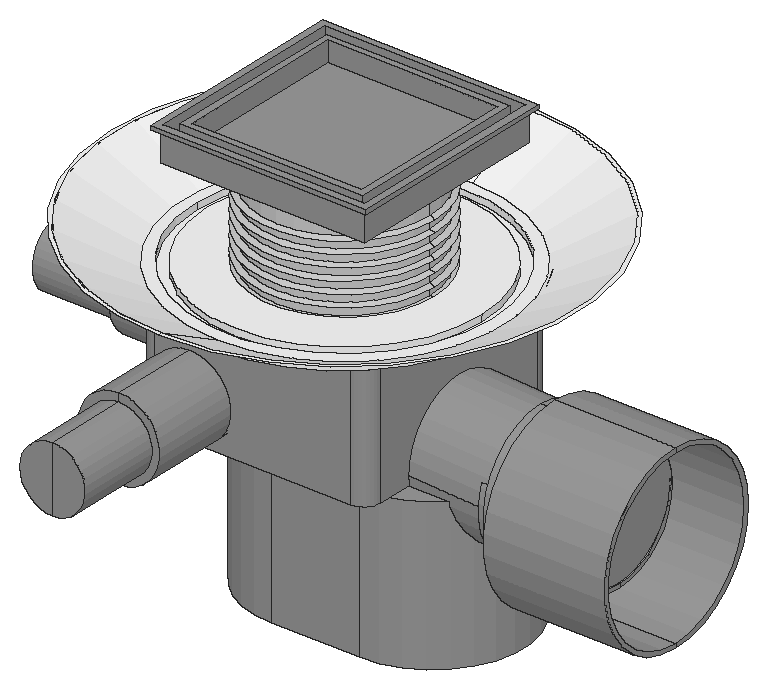
Revit family "HL_Трап для внутренних помещений_HL70-3020", category Instalační zařizovací předměty, Revit 2016
Family settings
  Typ součásti = Normální
  Kóta kulaté spojky = Použít průměr
  Číslo OmniClass = 23.70.50.21.24.14
  Nadpis OmniClass = Deck Waste Water Drains
  Založené na pracovní rovině = Ne
  Vždy vertikální = Ano
  Ořezat dutým tvarem při načtení = Ne
  Sdílené = Ano
  Bod výpočtu místnosti = Ano
Parameters
  РЕШЁТКА = "112 x 112 mm / ABS-V4A"
  РАЗМЕР = "DN75/110"
  ПРОПУСКНАЯ СПОСОБНОСТЬ [instance] = 0.0 L/s
  ПРОИЗВОДИТЕЛЬНОСТЬ = "1,0 l/s"
  ПРИЁМНОЕ ОТВЕРСТИЕ = "3 x DN40/50"
  ПРАВОВАЯ ИНФОРМАЦИЯ = "\"Авторские права(©), права на дизайн или какие либо другие права интелектуальной собственности являются исключительной собственностью компании HL Hutterer & Lechner. Изменению не подлежит. Файл семейства с данными о прозводителе изделия защищен паролем с водяным знаком.\""
  ПАДЕНИЕ ДАВЛЕНИЯ [instance] = 0.0 Pa
  НОМИНАЛЬНЫЙ ДИАМЕТР 4 [instance] = 40 mm
  НОМИНАЛЬНЫЙ ДИАМЕТР 3 [instance] = 40 mm
  НОМИНАЛЬНЫЙ ДИАМЕТР 2 [instance] = 40 mm
  НОМИНАЛЬНЫЙ ДИАМЕТР [instance] = 110 mm
  НАСАДКА = "10 - 80 mm / 132 x 132 mm / PP-V4A"
  МАТЕРИАЛ = "PE"
  МАКСИМАЛЬНАЯ НАГРУЗКА КЛАССА = "K3 - 300 kg"
  ВЫСОТА МОНТАЖА = "205 mm"
  ВЕС = "1,28 kg"
  Připojení ventilace = no
  Výrobce = "HL Hutterer & Lechner GmbH"
  URL = "http://www.hutterer-lechner.com/ru/products/catalog/roof-drains/HL70-3020.aspx"
  Připojení odpadu = yes
  Připojení HW = no
  Popis = "Трап для внутренних помещений"
  N [instance] = НОМИНАЛЬНЫЙ ДИАМЕТР = 110 mm  # yes
  Model = "HL70-3020"
  L24 [instance] = 39 mm
  Komentáře k typům = "Трап для внутренних помещений с гидрозатвором и обратным клапаном, горизонтальный DN75/110, с 3-мя дополнительными входами DN40/50, с надставным элементом для вклеивания керамической плитки 132х132/112х112 мм"
  Keynote = "HL70-3020"
  Высота монтажа [instance] = 80 mm
  Připojení CW = no
  FO [instance] = FI1 + FI2 + FI3 + ПРОПУСКНАЯ СПОСОБНОСТЬ  # 0.0 L/s
  FI3 [instance] = 0.0 L/s
  FI2 [instance] = 0.0 L/s
  FI1 [instance] = 0.0 L/s
  EAN = "9003076034291"
  E [instance] = if(Высота монтажа < 80.1 mm, Высота монтажа + 18 mm, 120 mm)  # 98 mm
  D4 [instance] = if(НОМИНАЛЬНЫЙ ДИАМЕТР 4 = 40 mm, 174.8 mm, if(НОМИНАЛЬНЫЙ ДИАМЕТР 4 = 50 mm, 123.8 mm, 0 mm))  # 174.8 mm
  D3 [instance] = if(НОМИНАЛЬНЫЙ ДИАМЕТР 3 = 40 mm, 175 mm, if(НОМИНАЛЬНЫЙ ДИАМЕТР 3 = 50 mm, 124 mm, 0 mm))  # 175 mm
  D2 [instance] = if(НОМИНАЛЬНЫЙ ДИАМЕТР 2 = 40 mm, 174.8 mm, if(НОМИНАЛЬНЫЙ ДИАМЕТР 2 = 50 mm, 123.8 mm, 0 mm))  # 174.8 mm
  D1 [instance] = if(НОМИНАЛЬНЫЙ ДИАМЕТР = 75 mm, 168.8 mm, 202.6 mm)  # 202.6 mm
  D [instance] = Высота монтажа + 56.6 mm  # 136.6 mm
  C [instance] = Высота монтажа + 56.6 mm  # 136.6 mm
  B [instance] = if(НОМИНАЛЬНЫЙ ДИАМЕТР = 75 mm, 81 mm, 87 mm) + Высота монтажа  # 167 mm
  A [instance] = if(B - 100 mm > 15 mm, B - 100 mm, 15 mm)  # 67 mm
Reference planes
  plane 1 "Center (Front/Back)": y = 0
  plane 2: z = 0
  plane 3 "Center (Left/Right)": x = 0
  plane 4 "Ball Joint Vertical": x = 25.45
  plane 5: z = -80
  plane 6: z = -167
  plane 7: x = -39
Lines and regions (mm)
  model lines, style "InvisibleLines"
    curve 1: line (0, 0, 0) -> (0, 0, 560)
  reference lines
    curve 2: line (172.6, 0, -167) -> (202.6, 0, -167)
    curve 6: line (-39, 0, -136.6) -> (-175, 0, -136.6)
    curve 24: line (-39, 0, -136.6) -> (-39, 174.8, -136.6)
    curve 25: line (-39, 0, -136.6) -> (-39, -174.8, -136.6)
  model lines, detail levels coarse+medium
    curve 3: line (0, 0, -167) -> (0, 0, -100)
    curve 4: line (0, 0, -100) -> (100, 0, 0)
    curve 5: line (0, 0, -100) -> (-100, 0, 0)
    curve 7: line (0, 0, -167) -> (202.6, 0, -167)
  symbolic lines, style "PlumbingFixtures", detail levels coarse+medium
    curve 8: line (-75, 75, 0) -> (75, 75, 0)
    curve 9: line (-75, -75, 0) -> (-75, 75, 0)
    curve 10: line (75, -75, 0) -> (-75, -75, 0)
    curve 11: line (75, 75, 0) -> (75, -75, 0)
    curve 12: line (-75, 75, 0) -> (-145.711, 145.711, 0)
    curve 13: line (75, 75, 0) -> (145.711, 145.711, 0)
    curve 14: line (-75, -75, 0) -> (-145.711, -145.711, 0)
    curve 15: line (75, -75, 0) -> (145.711, -145.711, 0)
  symbolic lines, style "PlumbingFixtures", not visible, detail levels coarse+medium
    curve 16: line (-75, 75, 0) -> (75, 75, 0)
    curve 17: line (-75, -75, 0) -> (-75, 75, 0)
    curve 18: line (75, -75, 0) -> (-75, -75, 0)
    curve 19: line (75, 75, 0) -> (75, -75, 0)
    curve 20: line (-75, 75, 0) -> (-145.711, 145.711, 0)
    curve 21: line (75, 75, 0) -> (145.711, 145.711, 0)
    curve 22: line (-75, -75, 0) -> (-145.711, -145.711, 0)
    curve 23: line (75, -75, 0) -> (145.711, -145.711, 0)
Text (mm)
  text "FLOOR" at (-198.233, 0, -26.556), in view "вид строительства"
Dimensions and locks
  locked: plane 4 "Ball Joint Vertical" to plane 3 "Center (Left/Right)" at 25.45
  "Высота монтажа": plane 2 to plane 5
  "A": curve 5 to plane 6
  "B": curve 5 to plane 6
  "B": curve 4 to plane 6
  "B": plane 2 to plane 6
  "C": plane 2 to curve 6
  "B": plane 2 to curve 7
  "D3": plane 3 "Center (Left/Right)" to curve 6
  "L24": plane 7 to plane 3 "Center (Left/Right)"
  "D1": curve 2 to plane 3 "Center (Left/Right)"
  "D1": curve 7 to plane 3 "Center (Left/Right)"
  "D4": curve 24 to plane 1 "Center (Front/Back)"
  "D2": plane 1 "Center (Front/Back)" to curve 25
  "D": curve 25 to plane 2
  locked: plane 5 to nested 2 at 80.049
  locked: curve 4 to plane 3 "Center (Left/Right)" (angle 45.00°)
  locked: plane 3 "Center (Left/Right)" to curve 5 (angle 45.00°)
  aligned and locked: level to plane 2
  aligned and locked: plane 2 to curve 1
  aligned and locked: plane 3 "Center (Left/Right)" to curve 1
  aligned and locked: plane 3 "Center (Left/Right)" to curve 5
  aligned and locked: plane 6 to curve 2
  aligned and locked: plane 5 to nested 1
  aligned and locked: nested 1 to plane 3 "Center (Left/Right)"
  aligned and locked: plane 3 "Center (Left/Right)" to nested 3
  aligned and locked: plane 2 to nested 3
Automatic sketch dimensions
  level to curve 1 = 560 mm
  curve 6 to plane 7 = 0 mm
  curve 2 to curve 2 = 30 mm
  curve 25 to plane 1 "Center (Front/Back)" = 0 mm
Nested families
  nested 1: "HL-Трап для внутренних помещений-HL70K-3020" at (0, 0, -58) x (-1, 0, 0) z (0, 0, 1), НОМИНАЛЬНЫЙ ДИАМЕТР 2 <- "НОМИНАЛЬНЫЙ ДИАМЕТР 2", НОМИНАЛЬНЫЙ ДИАМЕТР 3 <- "НОМИНАЛЬНЫЙ ДИАМЕТР 3", НОМИНАЛЬНЫЙ ДИАМЕТР 4 <- "НОМИНАЛЬНЫЙ ДИАМЕТР 4", type "HL-Трап для внутренних помещений-HL70K-3020"
    with НОМИНАЛЬНЫЙ ДИАМЕТР 4 40 mm, НОМИНАЛЬНЫЙ ДИАМЕТР 3 40 mm, НОМИНАЛЬНЫЙ ДИАМЕТР 2 40 mm, НОМИНАЛЬНЫЙ ДИАМЕТР 0 mm, ND4 -90 mm, ND3 -90 mm, ND2 -90 mm
  nested 2: "HL-Уменьшение-HL0317.4E" at (128.665, 0, -221.049) x (1, 0, 0) z (0, 0, -1), visible <- "N", type "HL0317.4E"
  nested 3: "HL-Насадка-HL3020" at (0, 0, 0), Высота монтажа <- "E", type "HL3020"
    with Высота монтажа 98 mm, RN 9, RL 58.5 mm, R yes, NL_Test yes, NL 98 mm
Connectors
  piping at (202.6, 0, -167), diameter 110, driven by "НОМИНАЛЬНЫЙ ДИАМЕТР", driven by "FO"
    settings: on curve 2, index 1, connector inside diameter 609.6 mm, connector length 0 mm, flow factor 0, pipe flow 0.0 L/s, pressure drop 0.0 Pa, fitting loss kfactor 0, connector angle 0.00°, fixture units 0, engagement length 0 mm, angle of deflection 0.00°, flow configuration 1, flow direction 2, fitting loss method 0, system type 16, joint type 0, gender type 0, connector reference index 2, connector utility 0, adjustable connector yes, is connector primary no, connector description ""
  piping at (-175, 0, -136.6), diameter 40, driven by "НОМИНАЛЬНЫЙ ДИАМЕТР 3", driven by "FI2"
    settings: on curve 6, index 2, connector inside diameter 609.6 mm, connector length 0 mm, flow factor 0, pipe flow 0.0 L/s, pressure drop 0.0 Pa, fitting loss kfactor 0, connector angle 0.00°, fixture units 0, engagement length 0 mm, angle of deflection 0.00°, flow configuration 0, flow direction 1, fitting loss method 0, system type 16, joint type 0, gender type 0, connector reference index 1, connector utility 0, adjustable connector yes, is connector primary yes, connector description ""
  piping at (-39, 174.8, -136.6), diameter 40, driven by "НОМИНАЛЬНЫЙ ДИАМЕТР 4", driven by "FI3"
    settings: on curve 24, index 4, connector inside diameter 609.6 mm, connector length 0 mm, flow factor 0, pipe flow 0.0 L/s, pressure drop 0.0 Pa, fitting loss kfactor 0, connector angle 0.00°, fixture units 0, engagement length 0 mm, angle of deflection 0.00°, flow configuration 0, flow direction 1, fitting loss method 0, system type 16, joint type 0, gender type 0, connector reference index -1, connector utility 0, adjustable connector yes, is connector primary no, connector description ""
  piping at (-39, -174.8, -136.6), diameter 40, driven by "НОМИНАЛЬНЫЙ ДИАМЕТР 2", driven by "FI1"
    settings: on curve 25, index 5, connector inside diameter 609.6 mm, connector length 0 mm, flow factor 0, pipe flow 0.0 L/s, pressure drop 0.0 Pa, fitting loss kfactor 0, connector angle 0.00°, fixture units 0, engagement length 0 mm, angle of deflection 0.00°, flow configuration 0, flow direction 1, fitting loss method 0, system type 16, joint type 0, gender type 0, connector reference index -1, connector utility 0, adjustable connector yes, is connector primary no, connector description ""
Definition of nested family "HL-Трап для внутренних помещений-HL70K-3020"
  Parameters (values of type "HL_Трап для внутренних помещений_HL70K-3020")
    РАЗМЕР = "DN75/110"
    ПРИЁМНОЕ ОТВЕРСТИЕ = "3 x DN40/50"
    НОМИНАЛЬНЫЙ ДИАМЕТР 4 [instance] = 40 mm
    НОМИНАЛЬНЫЙ ДИАМЕТР 3 [instance] = 40 mm
    НОМИНАЛЬНЫЙ ДИАМЕТР 2 [instance] = 40 mm
    НОМИНАЛЬНЫЙ ДИАМЕТР [instance] = 0 mm
    МАТЕРИАЛ = "PE"
    ВЫСОТА МОНТАЖА = "205 mm"
    ВЕС = "0,73 kg"
    Manufacturer = "HL Hutterer & Lechner GmbH"
    URL = "http://www.hutterer-lechner.com/ru/products/catalog/roof-drains/HL70K-3020.aspx"
    Description = "Трап для внутренних помещений"
    ND4 [instance] = if(НОМИНАЛЬНЫЙ ДИАМЕТР 4 = 40 mm, -90 mm, if(НОМИНАЛЬНЫЙ ДИАМЕТР 4 = 50 mm, 0 mm, -100 mm))  # -90 mm
    ND3 [instance] = if(НОМИНАЛЬНЫЙ ДИАМЕТР 3 = 40 mm, -90 mm, if(НОМИНАЛЬНЫЙ ДИАМЕТР 3 = 50 mm, 0 mm, -100 mm))  # -90 mm
    ND2 [instance] = if(НОМИНАЛЬНЫЙ ДИАМЕТР 2 = 40 mm, -90 mm, if(НОМИНАЛЬНЫЙ ДИАМЕТР 2 = 50 mm, 0 mm, -100 mm))  # -90 mm
    Model = "HL70K-3020"
    LEGAL NOTICE = "\"Авторские права(©), права на дизайн или какие либо другие права интелектуальной собственности являются исключительной собственностью компании HL Hutterer & Lechner. Изменению не подлежит. Файл семейства с данными о прозводителе изделия защищен паролем с водяным знаком.\""
    Type Comments = "Корпус трапа для внутренних помещений с гидрозатвором и обратным клапаном, с горизонтальным выпуском DN75/110, с 3-мя дополнительными входами DN40/50, для серии 3020."
    Keynote = "HL70K-3020"
    EAN = "9003076034284"
    Cost = 0
  Values of the unnamed type that differ from the named types
    РАЗМЕР = ""
    ПРИЁМНОЕ ОТВЕРСТИЕ = ""
    МАТЕРИАЛ = ""
    ВЫСОТА МОНТАЖА = ""
    ВЕС = ""
    Manufacturer = ""
    URL = ""
    Description = ""
    Model = ""
    LEGAL NOTICE = ""
    Type Comments = ""
    Keynote = ""
    EAN = ""
  Reference planes
    plane 1 "Střed (vpředu/vzadu)": y = 0
    plane 2: z = 0
    plane 3 "Střed (vlevo/vpravo)": x = 0
  Forms (mm)
    Extrusion 1, solid, detail levels fine
      sketch origin (0, 0, -22) x (1, 0, 0) y (0, 1, 0)
        loop
          circle (0, 0) r 100
        loop
          circle (0, 0) r 90.712
        loop
          circle (0, 0) r 83.924
        loop
          circle (0, 0) r 55.36
      from 0 to -4
    Extrusion 2, solid, detail levels fine
      sketch origin (0, 0, -26) x (0, 1, 0) y (1, 0, 0)
        loop
          circle (0, 0) r 93.56
      from 0 to 3
    Extrusion 3, solid, detail levels fine
      sketch origin (0, 0, -29) x (-1, 0, 0) y (0, 1, 0)
        loop
          arc (60, -70) -> (67.071, -67.071) -> (70, -60) r 10
          line (70, -60) -> (70, 60)
          arc (70, 60) -> (67.071, 67.071) -> (60, 70) r 10
          line (60, 70) -> (-60, 70)
          arc (-60, 70) -> (-67.071, 67.071) -> (-70, 60) r 10
          line (-70, 60) -> (-70, -60)
          arc (-70, -60) -> (-67.071, -67.071) -> (-60, -70) r 10
          line (-60, -70) -> (60, -70)
      from 0 to 74.618
    Extrusion 4, solid, detail levels fine
      sketch origin (0, 0, -103.618) x (0, -1, 0) y (-1, 0, 0)
        loop
          arc (-56, 0) -> (-0.32, -55.68) -> (55.36, 0) r 55.68
          line (55.36, 0) -> (55.36, 54)
          arc (55.36, 54) -> (-0.32, 109.68) -> (-56, 54) r 55.68
          line (-56, 54) -> (-56, 0)
      from 0 to 92
    Sweep 5, solid, detail levels fine
      path origin (0, 0, -20.331) x (1, 0, 0) y (0, 0, 1)
        loop
          line (-167.087, -116.62) -> (-37.204, -111.12)
      profile origin (-102.145, 0, -134.201) x (-0.042308, 0, 0.999105) y (0, -1, 0)
        loop
          circle (34.934, 0) r 39
    Revolve 6, solid, detail levels fine
      sketch origin (0, 0, 0) x (0, 1, 0) y (0, 0, 1)
        loop
          line (-100, -22) -> (-97.831, -22) -> (-140.172, 0) -> (-142.341, 0) -> (-100, -22)
        axis (0, 0) -> (0, -22)
      angle from 0 to 360
    Revolve 7, solid, detail levels fine
      sketch origin (0, 0, 0) x (1, 0, 0) y (0, 0, 1)
        loop
          line (175, -78.618) -> (175, -58.618) -> (124.072, -58.618) -> (124.072, -53.618) -> (65, -53.618) -> (65, -78.618) -> (175, -78.618)
        axis (175, -78.618) -> (65, -78.618)
      angle from 0 to 360
    Extrusion 8, void
      sketch origin (124.072, 0, -78.618) x (0, -1, 0) y (0, 0, 1)
        loop
          circle (0, 0) r 25
      from -100 to -90 <- "ND3"
    Revolve 9, solid, detail levels fine
      sketch origin (39, -0.32, 0) x (0, 1, 0) y (0, 0, 1)
        loop
          line (175, -78.618) -> (175, -58.618) -> (124.072, -58.618) -> (124.072, -53.618) -> (65, -53.618) -> (65, -78.618) -> (175, -78.618)
        axis (175, -78.618) -> (65, -78.618)
      angle from 0 to 360
    Extrusion 10, void
      sketch origin (39, 123.752, -78.618) x (1, 0, 0) y (0, 0, 1)
        loop
          circle (0, 0) r 25
      from -100 to -90 <- "ND2"
    Revolve 11, solid, detail levels fine
      sketch origin (39, 0.32, 0) x (0, -1, 0) y (0, 0, -1)
        loop
          line (175, 78.618) -> (65, 78.618) -> (65, 53.618) -> (124.072, 53.618) -> (124.072, 58.618) -> (175, 58.618) -> (175, 78.618)
        axis (175, 78.618) -> (65, 78.618)
      angle from 0 to 360
    Extrusion 12, void
      sketch origin (39, -123.752, -78.618) x (0, 0, -1) y (-1, 0, 0)
        loop
          circle (0, 0) r 25
      from -100 to -90 <- "ND4"
  Cuts and joins
    Extrusion 8 cuts Extrusion 3
    Extrusion 8 cuts Revolve 7
    Extrusion 10 cuts Revolve 9
    Extrusion 12 cuts Revolve 11
  Dimensions and locks
    aligned and locked: level to plane 2
Definition of nested family "HL-Уменьшение-HL0317.4E"
  Parameters (values of type "HL0317.4E")
    РАЗМЕР = "DN110xDN75"
    ПРАВОВАЯ ИНФОРМАЦИЯ = "Авторские права(©), права на дизайн или какие либо другие права интелектуальной собственности являются исключительной собственностью компании HL Hutterer & Lechner. Изменению не подлежит. Файл семейства с данными о прозводителе изделия защищен паролем с водяным знаком."  # constant formula
    МАТЕРИАЛ = "PP"
    ВЕС = "0,10 [kg]"
    Waste Connection = yes
    Vent Connection = no
    Manufacturer = "HL Hutterer & Lechner GmbH"  # constant formula
    URL = "http://www.hutterer-lechner.com/ru/Products/catalog/floor-drains/attachments/HL0317.4E.aspx"
    HW Connection = no
    Description = "Трапы для внутренних помещений - Комплектующие"
    Model = "HL0317.4E"
    Type Comments = "HL0317.4E Уменьшение DN110xDN75"
    Keynote = "HL0317.4E"
    EAN = "9003076317042"
    CW Connection = no
  Reference planes
    plane 1 "Center (Front/Back)": y = 0
    plane 2: z = 0
    plane 3 "Center (Left/Right)": x = 0
    plane 4 "Ball Joint Vertical": x = 25.45
  Forms (mm)
    Revolve 1, solid, detail levels fine
      sketch origin (0, 0, 0) x (1, 0, 0) y (0, 0, 1)
        loop
          line (74, -2.7) -> (74, 0) -> (0, 0) -> (0, -55) -> (3, -55) -> (3, -2.7) -> (74, -2.7)
        axis (74, -55) -> (0, -55)
      angle from 0 to 360
    Revolve 2, solid, detail levels fine
      sketch origin (0, 0, 0) x (1, 0, 0) y (0, 0, 1)
        loop
          line (-15, -21.165) -> (-15, -23.3) -> (39.9, -23.3) -> (39.9, -21.3) -> (0, -21.3) -> (0, -17) -> (-8.629, -17) -> (-11.112, -21.165) -> (-15, -21.165)
        axis (-15, -61) -> (39.9, -61)
      angle from 0 to 360
    Extrusion 3, void
      sketch origin (0, 0, 0) x (0, 1, 0) y (0, 0, 1)
        loop
          arc (-33.715, -46.537) -> (-35.917, -53.62) -> (-36.661, -61) r 36.983
          arc (-36.661, -61) -> (-12.182, -95.805) -> (28.85, -84.535) r 36.983
          arc (28.85, -84.535) -> (31.932, -80.198) -> (34.36, -75.463) r 36.983
          arc (34.36, -75.463) -> (36.561, -68.38) -> (37.305, -61) r 36.983
          arc (37.305, -61) -> (7.702, -24.761) -> (-33.715, -46.537) r 36.983
      from 55.439 to -38.757
  Cuts and joins
    Extrusion 3 cuts Revolve 1
  Lines and regions (mm)
    reference lines
      curve 1: line (39.9, 0, -61) -> (-15, 0, -61)
  Text (mm)
    text "ROOF/FLOOR" at (-198.233, 0, -26.556), in view "Drain Construction View"
  Dimensions and locks
    locked: plane 4 "Ball Joint Vertical" to plane 3 "Center (Left/Right)" at 25.45
    aligned and locked: level to plane 2
Definition of nested family "HL-Насадка-HL3020"
  Parameters (values of type "HL3020")
    РЕШЁТКА = "112 x 112 mm / ABS-V4A"
    РАЗМЕР = "d 110 mm"
    ПРАВОВАЯ ИНФОРМАЦИЯ = "Авторские права(©), права на дизайн или какие либо другие права интелектуальной собственности являются исключительной собственностью компании HL Hutterer & Lechner. Изменению не подлежит. Файл семейства с данными о прозводителе изделия защищен паролем с водяным знаком."  # constant formula
    НАСАДКА = "132 x 132 mm / PP-V4A"
    МАКСИМАЛЬНАЯ НАГРУЗКА КЛАССА = "K3 - 300 kg"
    Высота монтажа [instance] = 100 mm
    ВЫСОТА МОНТАЖА = "30 - 100 mm (10-80 mm)"
    ВЕС = "0,32 [kg]"
    Waste Connection = yes
    Vent Connection = no
    RD = 6.5 mm  # constant formula
    R [instance] = ((Высота монтажа - NL_Min) / RD - 1) > 2  # yes
    RL [instance] = RD * RN  # 65 mm
    NL_Test [instance] = and(or(Высота монтажа < NL_Max, Высота монтажа = NL_Max), or(Высота монтажа > NL_Min, Высота монтажа = NL_Min))  # yes
    NL_Min = 30 mm
    NL_Max = 100 mm
    NL [instance] = if(NL_Test, Высота монтажа, 0 mm)  # 100 mm
    RN [instance] = if((Высота монтажа - NL_Min) / RD - 1 < 2, 2, (Высота монтажа - NL_Min) / RD - 1)  # 10
    Manufacturer = "HL Hutterer & Lechner GmbH"  # constant formula
    URL = "http://www.hutterer-lechner.com/ru/products/catalog/floor-drains/attachments/HL3020.aspx"
    HW Connection = no
    Description = "Трапы для внутренних помещений - Комплектующие"
    Model = "HL3020"
    Type Comments = "HL3020 Надставной элемент ?110 мм с подрамником из нержавеющей стали 132х132 мм и вкладышем 112х112 мм для вклеивания керамической плитки"
    Keynote = "HL3020"
    EAN = "9003076034253"
    CW Connection = no
  Reference planes
    plane 1 "Center (Front/Back)": y = 0
    plane 2: z = 0
    plane 3 "Center (Left/Right)": x = 0
    plane 4 "Ball Joint Vertical": x = 25.45
    plane 5: z = -100
  Forms (mm)
    Sweep 1, solid, detail levels fine
      path origin (0, 0, 0) x (1, 0, 0) y (0, 1, 0)
        loop
          line (-66, 66) -> (-66, -66) -> (66, -66) -> (66, 66) -> (-66, 66)
      profile origin (0, 66, 0) x (0, 1, 0) y (0, 0, 1)
        loop
          line (0, 0) -> (-4.35, 0) -> (-4.35, -20.7) -> (-3.55, -20.7) -> (-3.55, -2.5) -> (0, -2.5) -> (0, 0)
        loop
          line (-10, 0) -> (-14, 0) -> (-14, -14) -> (-10, -14) -> (-10, 0)
    Extrusion 2, solid, detail levels fine
      sketch origin (0, 0, 0) x (1, 0, 0) y (0, 1, 0)
        loop
          line (-56, 56) -> (-56, -56) -> (56, -56) -> (56, 56) -> (-56, 56)
      from -12 to -14
    Extrusion 3, solid, detail levels fine
      sketch origin (0, 0, 0) x (1, 0, 0) y (0, 1, 0)
        loop
          line (-61.75, 61.75) -> (-61.75, -61.75) -> (61.75, -61.75) -> (61.75, 61.75) -> (-61.75, 61.75)
      from -20.7 to -19.079
    Revolve 4, solid, detail levels fine
      sketch origin (0, 0, 0) x (1, 0, 0) y (0, 0, 1)
        loop
          line (52, -100) -> (52, -20.7) -> (50.2, -20.7) -> (50.2, -100) -> (52, -100)
        axis (0, -20.7) -> (0, -100)
      angle from 0 to 360
  Lines and regions (mm)
    symbolic lines
      curve 1: line (0, 0, -100) -> (0, 0, 0)
  Text (mm)
    text "ROOF/FLOOR" at (-198.233, 0, -26.556), in view "Drain Construction View"
  Dimensions and locks
    locked: plane 4 "Ball Joint Vertical" to plane 3 "Center (Left/Right)" at 25.45
    "NL": plane 2 to plane 5
    equal spacing: group 1, group 3, group 4, group 5, group 6, group 7, group 8, group 9, group 10, group 2  (x3)
    "RL": nested 2 to nested 1
    locked: nested 1 to plane 5 at 1.516
    aligned and locked: level to plane 2
    aligned and locked: plane 3 "Center (Left/Right)" to nested 1
    aligned and locked: plane 1 "Center (Front/Back)" to nested 1
    aligned and locked: plane 2 to curve 1
    aligned and locked: plane 5 to curve 1
    aligned and locked: Sweep 1 to Revolve 4 sketch curve
    aligned and locked: plane 5 to Revolve 4 sketch curve
  Automatic sketch dimensions
    curve 1 to plane 4 "Ball Joint Vertical" = 25.45 mm
    Sweep 1 sketch curve to plane 3 "Center (Left/Right)" = 66 mm
    plane 4 "Ball Joint Vertical" to Sweep 1 sketch curve = 40.55 mm
    plane 1 "Center (Front/Back)" to Sweep 1 sketch curve = 66 mm
    Sweep 1 sketch curve to plane 1 "Center (Front/Back)" = 66 mm
    Sweep 1 sketch curve to profile plane = 0 mm  (x3)
    profile plane to Sweep 1 sketch curve = 3.55 mm
    Sweep 1 sketch curve to Sweep 1 sketch curve = 0.8 mm
    Sweep 1 sketch curve to Sweep 1 sketch curve = 5.65 mm
    Sweep 1 sketch curve to Sweep 1 sketch curve = 4 mm
    Sweep 1 sketch curve to profile plane = 2.5 mm
    Sweep 1 sketch curve to Sweep 1 sketch curve = 11.5 mm
    Sweep 1 sketch curve to Sweep 1 sketch curve = 6.7 mm
    Extrusion 2 sketch curve to plane 3 "Center (Left/Right)" = 56 mm
    plane 4 "Ball Joint Vertical" to Extrusion 2 sketch curve = 30.55 mm
    plane 1 "Center (Front/Back)" to Extrusion 2 sketch curve = 56 mm
    Extrusion 2 sketch curve to plane 1 "Center (Front/Back)" = 56 mm
    Extrusion 3 sketch curve to plane 3 "Center (Left/Right)" = 61.75 mm
    plane 4 "Ball Joint Vertical" to Extrusion 3 sketch curve = 36.3 mm
    plane 1 "Center (Front/Back)" to Extrusion 3 sketch curve = 61.75 mm
    Extrusion 3 sketch curve to plane 1 "Center (Front/Back)" = 61.75 mm
    Revolve 4 sketch curve to plane 3 "Center (Left/Right)" = 0 mm
    plane 4 "Ball Joint Vertical" to Revolve 4 sketch curve = 24.75 mm
    Revolve 4 sketch curve to Revolve 4 sketch curve = 1.8 mm
    Revolve 4 sketch curve to level = 22.222 mm
    level to Revolve 4 sketch curve = 10 mm
  Nested families
    nested 1: "Ring" at (0, 0, -98.484), visible <- "R", type "Ring"
      with R 52 mm, D 104 mm
    nested 2: "Ring" at (0, 0, -33.484), visible <- "R", type "Ring"
      with R 52 mm, D 104 mm
    nested 3: "Ring" at (0, 0, -91.262), visible <- "R", type "Ring"
      with R 52 mm, D 104 mm
    nested 4: "Ring" at (0, 0, -84.039), visible <- "R", type "Ring"
      with R 52 mm, D 104 mm
    nested 5: "Ring" at (0, 0, -76.817), visible <- "R", type "Ring"
      with R 52 mm, D 104 mm
    nested 6: "Ring" at (0, 0, -69.595), visible <- "R", type "Ring"
      with R 52 mm, D 104 mm
    nested 7: "Ring" at (0, 0, -62.373), visible <- "R", type "Ring"
      with R 52 mm, D 104 mm
    nested 8: "Ring" at (0, 0, -55.151), visible <- "R", type "Ring"
      with R 52 mm, D 104 mm
    nested 9: "Ring" at (0, 0, -47.928), visible <- "R", type "Ring"
      with R 52 mm, D 104 mm
    nested 10: "Ring" at (0, 0, -40.706), visible <- "R", type "Ring"
      with R 52 mm, D 104 mm
  Definition of nested family "Ring"
    Parameters (values of type "Ring")
      Manufacturer = ""
      URL = ""
      R = D / 2  # 51.5 mm
      Description = ""
      Model = ""
      Material = none
      Type Comments = ""
      D = 103 mm
      Cost = 0
    Reference planes
      plane 1 "Střed (vpředu/vzadu)": y = 0
      plane 2: z = 0
      plane 3 "Střed (vlevo/vpravo)": x = 0
    Forms (mm)
      Revolve 1, solid, material <- "Material", detail levels fine
        sketch origin (0, 0, 0) x (1, 0, 0) y (0, 0, 1)
          loop
            line (-51.5, 1.482) -> (-54.764, 0) -> (-51.5, -1.516) -> (-51.5, 1.482)
          axis (0, 1.482) -> (0, -1.516)
        angle from 0 to 360
    Dimensions and locks
      "R": Revolve 1 sketch curve to plane 3 "Střed (vlevo/vpravo)"
      aligned and locked: level to plane 2
      aligned and locked: Revolve 1 sketch curve to plane 3 "Střed (vlevo/vpravo)"
    Automatic sketch dimensions
      Revolve 1 sketch curve to level = 0 mm
      Revolve 1 sketch curve to Revolve 1 sketch curve = 3.264 mm
      Revolve 1 sketch curve to level = 1.516 mm
      level to Revolve 1 sketch curve = 1.482 mm
      Revolve 1 sketch curve to level = 381 mm
      Revolve 1 sketch curve to Revolve 1 sketch curve = 2212.833 mm
